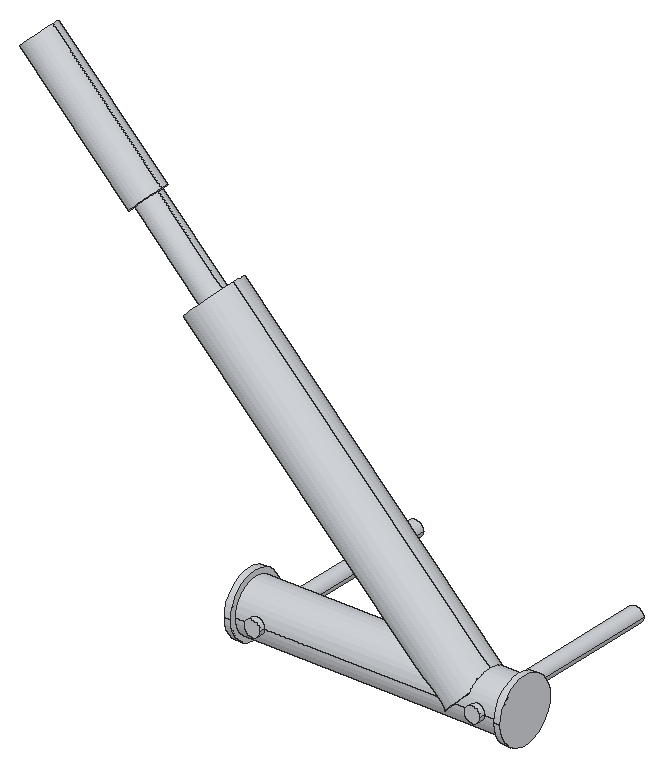
Revit family "d7d6dd4b75d54836a33624ff590035fd", category Pipe Accessories, Revit 2021
Family settings
  Round Connector Dimension = Use Radius
  Part Type = Valve - Breaks Into
  OmniClass Number = 23.65.55.14.17
  OmniClass Title = Adjusting/Controlling Valves for Liquid Services
  Seek Item ID = Balancing Valve - Straight - 0.5-2 Inch - Threaded-0000-USA-ENU
  Work Plane-Based = No
  Always vertical = Yes
  Cut with Voids When Loaded = No
  Shared = No
Parameters (values of type "1/2"")
  Width 1 = 1.2 * Outside Radius  # 0' - 0.36"
  Valve Material = none
  Valve Length = 0' - 3 3/16"
  Socket Thickness = 0.2 * Socket Radius  # 0' - 0.072"
  Socket Radius = 1.2 * Outside Radius  # 0' - 0.36"
  Radius 4 = 1.1 * Outside Radius  # 0' - 0.33"
  Radius 3 = 0.3 * Outside Radius  # 0' - 0.09"
  Radius 2 = 0.7 * Outside Radius  # 0' - 0.21"
  Radius 1 = Outside Radius / 2  # 0' - 0.15"
  Outside Radius = 1.2 * Nominal Radius  # 0' - 0.3"
  Open Height = 0' - 5 3/16"
  Nominal Radius = 1/4"
  Nominal Diameter = Nominal Radius * 2  # 1/2"
  Length 6 = Length 5  # 0' - 0 1/4"
  Length 5 = Length 1 / 2  # 0' - 0 1/4"
  Length 4 = 0.25 * ((Open Height - Radius 2 * cos(Angle)) / sin(Angle))  # 0' - 1.78156"
  Length 3 = 0.15 * ((Open Height - Radius 2 * cos(Angle)) / sin(Angle))  # 0' - 1.06893"
  Length 2 = 0.6 * ((Open Height - Radius 2 * cos(Angle)) / sin(Angle))  # 0' - 4.27574"
  Length 1 = 0' - 0 1/2"
  K Coefficient = 11.49
  Default Elevation = 0' - 0"
  C1 Offest 1 = 0' - 2"
  Angle = 45.00°
Types (7): name | Width 1 | Valve Length | Socket Thickness | Socket Radius | Radius 4 | Radius 3 | Radius 2 | Radius 1 | Outside Radius | Open Height | Nominal Radius | Nominal Diameter | Length 6 | Length 5 | Length 4 | Length 3 | Length 2 | Length 1 | K Coefficient | C1 Offest 1 | Angle
  (no name) | 0' - 0.36" | 0' - 3 3/16" | 0' - 0.072" | 0' - 0.36" | 0' - 0.33" | 0' - 0.09" | 0' - 0.21" | 0' - 0.15" | 0' - 0.3" | 0' - 5 3/16" | 1/4" | 1/2" | 0' - 0 1/4" | 0' - 0 1/4" | 0' - 1.78156" | 0' - 1.06893" | 0' - 4.27574" | 0' - 0 1/2" | 11.49 | 0' - 2" | 45.00°
  2" | 0' - 1.44" | 0' - 6 1/4" | 0' - 0.288" | 0' - 1.44" | 0' - 1.32" | 0' - 0.36" | 0' - 0.84" | 0' - 0.6" | 0' - 1.2" | 0' - 6 3/4" | 1" | 2" | 0' - 0 1/2" | 0' - 0 1/2" | 0' - 2.02666" | 0' - 1.216" | 0' - 4.86399" | 0' - 1" | 15.82 | 0' - 3 5/8" | 50.00°
  1 1/2" | 0' - 1.08" | 0' - 5 1/8" | 0' - 0.216" | 0' - 1.08" | 0' - 0.99" | 0' - 0.27" | 0' - 0.63" | 0' - 0.45" | 0' - 0.9" | 0' - 6 7/16" | 3/4" | 1 1/2" | 0' - 0 17/32" | 0' - 0 17/32" | 0' - 1.89647" | 0' - 1.13788" | 0' - 4.55153" | 0' - 1 1/16" | 11.26 | 0' - 2 3/8" | 53.00°
  1 1/4" | 0' - 0.9" | 0' - 4 3/8" | 0' - 0.18" | 0' - 0.9" | 0' - 0.825" | 0' - 0.225" | 0' - 0.525" | 0' - 0 3/8" | 0' - 0 3/4" | 0' - 6" | 5/8" | 1 1/4" | 0' - 0 1/2" | 0' - 0 1/2" | 0' - 1.7793" | 0' - 1.06758" | 0' - 4.27032" | 0' - 1" | 15.08 | 0' - 2 1/4" | 53.00°
  1" | 0' - 0.72" | 0' - 3 3/4" | 0' - 0.144" | 0' - 0.72" | 0' - 0.66" | 0' - 0.18" | 0' - 0.42" | 0' - 0.3" | 0' - 0.6" | 0' - 5 1/2" | 1/2" | 1" | 0' - 0 1/2" | 0' - 0 1/2" | 0' - 1.64256" | 0' - 0.98554" | 0' - 3.94215" | 0' - 1" | 8.9 | 0' - 2 1/16" | 53.00°
  1/2" | 0' - 0.36" | 0' - 3 3/16" | 0' - 0.072" | 0' - 0.36" | 0' - 0.33" | 0' - 0.09" | 0' - 0.21" | 0' - 0.15" | 0' - 0.3" | 0' - 5 3/16" | 1/4" | 1/2" | 0' - 0 1/4" | 0' - 0 1/4" | 0' - 1.78156" | 0' - 1.06893" | 0' - 4.27574" | 0' - 0 1/2" | 11.49 | 0' - 2" | 45.00°
  3/4" | 0' - 0.54" | 0' - 3 3/16" | 0' - 0.108" | 0' - 0.54" | 0' - 0.495" | 0' - 0.135" | 0' - 0.315" | 0' - 0.225" | 0' - 0.45" | 0' - 5 3/16" | 3/8" | 3/4" | 0' - 0 3/8" | 0' - 0 3/8" | 0' - 1.56452" | 0' - 0.93871" | 0' - 3.75485" | 0' - 0 3/4" | 31.28 | 0' - 2" | 53.00°
Reference planes (in)
  plane 1 "Center (Front/Back)": y = 0
  plane 2: z = 0
  plane 3 "Center (Left/Right)": x = 0
  plane 4: y = 2
  plane 5: y = -0.36
  plane 6: x = -1.59375
  plane 7: x = 1.59375
  plane 8: x = 1.52175
  plane 9: x = -1.52175
  plane 10: x = 1.02175
  plane 11: x = 1.27175
  plane 12: x = -1.27175
  plane 13: z = 5.1875
Forms (in)
  Extrusion 1, solid, material <- "Valve Material", detail levels fine
    sketch origin (0, 0, 0) x (0, 1, 0) y (0, 0, 1)
      loop
        circle (0, 0) r 0.3
    from -1.52175 to 1.52175
  Extrusion 2, solid, material <- "Valve Material", detail levels fine
    sketch origin (0, 0, 0) x (0, 1, 0) y (0, 0, 1)
      loop
        circle (0, 0) r 0.36
    from 1.52175 to 1.59375
  Extrusion 3, solid, material <- "Valve Material", detail levels fine
    sketch origin (0, 0, 0) x (0, 1, 0) y (0, 0, 1)
      loop
        circle (0, 0) r 0.36
    from -1.59375 to -1.52175
  Sweep 4, solid, material <- "Valve Material", detail levels fine
    path in 3D
      loop
        line (1.02175, 0, 0) -> (-2.00165, 0, 3.0234)
    profile origin (-0.48995, 0, 1.5117) x (-0.707107, 0, -0.707107) y (0, -1, 0)
      loop
        circle (0, 0) r 0.33
  Sweep 5, solid, material <- "Valve Material", detail levels fine
    path in 3D
      loop
        line (-2.00165, 0, 3.0234) -> (-2.75751, 0, 3.77926)
    profile origin (-2.37958, 0, 3.40133) x (-0.707107, 0, -0.707107) y (0, -1, 0)
      loop
        circle (0, 0) r 0.15
  Sweep 6, solid, material <- "Valve Material", detail levels fine
    path in 3D
      loop
        line (-2.75751, 0, 3.77926) -> (-4.01726, 0, 5.03901)
    profile origin (-3.38738, 0, 4.40913) x (-0.707107, 0, -0.707107) y (0, -1, 0)
      loop
        circle (0, 0) r 0.21
  Extrusion 7, solid, material <- "Valve Material", detail levels fine
    sketch origin (0, 0, 0) x (1, 0, 0) y (0, 0, 1)
      loop
        circle (-1.27175, 0) r 0.09
      loop
        circle (1.27175, 0) r 0.09
    from -2 to 0.36
Cuts and joins
  joined: Extrusion 2, Extrusion 3, Sweep 5, Sweep 6, Extrusion 7
  joined: Extrusion 1, Sweep 4
Lines and regions (in)
  reference lines
    curve 1: line (1.02175, 0, 0) -> (-2.00165, 0, 3.0234)
    curve 2: line (-2.00165, 0, 3.0234) -> (-2.75751, 0, 3.77926)
    curve 3: line (-2.75751, 0, 3.77926) -> (-4.01726, 0, 5.03901)
  sketch lines
    curve 4: line (1.02175, 0, 0) -> (-2.00165, 0, 3.0234)
    curve 5: line (-2.00165, 0, 3.0234) -> (-2.75751, 0, 3.77926)
    curve 6: line (-2.75751, 0, 3.77926) -> (-4.01726, 0, 5.03901)
  model lines, detail levels coarse+medium
    curve 7: line (0, 0, 0) -> (1.59375, 0.92015, 0)
    curve 8: line (0, 0, 0) -> (1.59375, -0.92015, 0)
    curve 9: line (1.59375, 0.92015, 0) -> (1.59375, -0.92015, 0)
    curve 10: line (0, 0, 0) -> (-1.59375, 0.92015, 0)
    curve 11: line (0, 0, 0) -> (-1.59375, -0.92015, 0)
    curve 12: line (-1.59375, 0.92015, 0) -> (-1.59375, -0.92015, 0)
    curve 13: line (-0.79687, 0.46008, 0) -> (-0.79687, 0.96008, 0)
    curve 14: line (0.79688, 0.46008, 0) -> (0.79688, 0.96008, 0)
Dimensions and locks (in)
  "C1 Offest 1": plane 4 to plane 1 "Center (Front/Back)"
  "Width 1": plane 1 "Center (Front/Back)" to plane 5
  equal spacing: plane 7, plane 3 "Center (Left/Right)", plane 6
  "Valve Length": plane 7 to plane 6
  "Socket Thickness": plane 6 to plane 9
  "Socket Thickness": plane 7 to plane 8
  "Length 1": plane 8 to plane 10
  "Length 5": plane 8 to plane 11
  "Length 6": plane 9 to plane 12
  "Open Height": plane 13 to plane 2
  "Length 2": curve 1 to curve 1
  "Length 3": curve 2 to curve 2
  "Length 4": curve 3 to curve 3
  equal spacing: plane 6, curve 13, plane 3 "Center (Left/Right)"
  equal spacing: plane 3 "Center (Left/Right)", curve 14, plane 7
  "Nominal Diameter": curve 14 to curve 14
  "Nominal Diameter": curve 13 to curve 13
  "Outside Radius": radius of Extrusion 1 sketch curve
  "Socket Radius": radius of Extrusion 2 sketch curve
  "Socket Radius": radius of Extrusion 3 sketch curve
  "Radius 4": radius of Sweep 4 sketch curve
  "Radius 1": radius of Sweep 5 sketch curve
  "Radius 2": radius of Sweep 6 sketch curve
  "Radius 3": radius of Extrusion 7 sketch curve  (x2)
  "Angle": angle curve 1 to plane 2
  "Angle": angle curve 2 to plane 2
  "Angle": angle curve 3 to plane 2
  locked: plane 1 "Center (Front/Back)" to curve 7 (angle 30.00°)
  locked: curve 8 to plane 1 "Center (Front/Back)" (angle 30.00°)
  locked: curve 10 to plane 1 "Center (Front/Back)" (angle 30.00°)
  locked: plane 1 "Center (Front/Back)" to curve 11 (angle 30.00°)
  aligned and locked: level to plane 2
  aligned and locked: plane 10 to curve 1
  aligned and locked: plane 2 to curve 1
  aligned and locked: plane 1 "Center (Front/Back)" to Extrusion 1 sketch curve
  aligned and locked: plane 2 to Extrusion 1 sketch curve
  aligned and locked: plane 9 to Extrusion 1
  aligned and locked: plane 8 to Extrusion 1
  aligned and locked: plane 1 "Center (Front/Back)" to Extrusion 2 sketch curve
  aligned and locked: plane 2 to Extrusion 2 sketch curve
  aligned and locked: plane 1 "Center (Front/Back)" to Extrusion 3 sketch curve
  aligned and locked: plane 2 to Extrusion 3 sketch curve
  aligned and locked: Extrusion 3 to plane 6
  aligned and locked: Extrusion 3 to plane 9
  aligned and locked: Extrusion 2 to plane 8
  aligned and locked: plane 7 to Extrusion 2
  aligned and locked: plane 2 to Extrusion 7 sketch curve  (x2)
  aligned and locked: plane 12 to Extrusion 7 sketch curve
  aligned and locked: plane 11 to Extrusion 7 sketch curve
  aligned and locked: Extrusion 7 to plane 4
  aligned and locked: plane 5 to Extrusion 7
  aligned and locked: curve 1 to curve 7
  aligned and locked: plane 3 "Center (Left/Right)" to curve 7
  aligned and locked: curve 9 to plane 7
  aligned and locked: curve 12 to plane 6
Automatic sketch dimensions
  Sweep 4 sketch curve to profile plane = 0' - 0"  (x2)
  Sweep 5 sketch curve to profile plane = 0' - 0"  (x2)
  Sweep 6 sketch curve to profile plane = 0' - 0"  (x2)
Connectors (in)
  piping at (-1.59375, 0, 0), diameter 0.5, driven by "Nominal Radius"
    settings: on cut or joined group of Extrusion 2, Extrusion 3, Sweep 5, Sweep 6, Extrusion 7, index 1, connector inside diameter 1/2", connector length 0' - 0", flow factor 0, pipe flow 0 GPM, pressure drop 0.00 psi, fitting loss kfactor 0, connector angle 0.00°, fixture units 0, engagement length 0' - 0", angle of deflection 0.00°, flow configuration 0, flow direction 0, fitting loss method 2, system type 29, joint type 0, gender type 0, connector reference index 2, connector utility 0, adjustable connector no, is connector primary yes, connector description ""
  piping at (1.59375, 0, 0), diameter 0.5, driven by "Nominal Radius", driven by "K Coefficient"
    settings: on cut or joined group of Extrusion 2, Extrusion 3, Sweep 5, Sweep 6, Extrusion 7, index 2, connector inside diameter 1/2", connector length 0' - 0", flow factor 0, pipe flow 0 GPM, pressure drop 0.00 psi, fitting loss kfactor 11.49, connector angle 0.00°, fixture units 0, engagement length 0' - 0", angle of deflection 0.00°, flow configuration 0, flow direction 0, fitting loss method 2, system type 29, joint type 0, gender type 0, connector reference index 1, connector utility 0, adjustable connector no, is connector primary no, connector description ""
